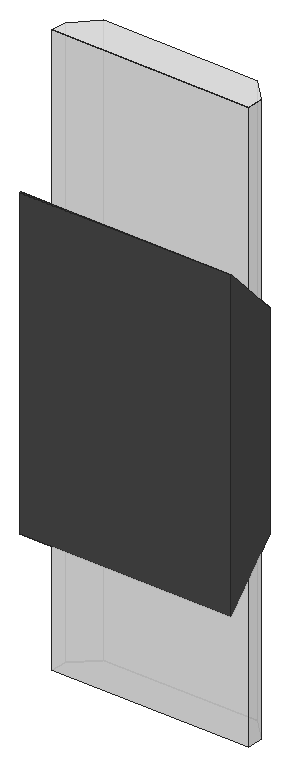
Revit family "3-756-xx - Esprit Sconce", category Lighting Fixtures, host Wall, Revit 2018
Family settings
  Host = Wall
  Round Connector Dimension = Use Diameter
  Part Type = Normal
  OmniClass Number = 23.80.70.00
  OmniClass Title = Lighting
  Always vertical = Yes
  Cut with Voids When Loaded = No
  Light Source = Yes
  Shared = No
  Room Calculation Point = No
Parameters (values of type "3-756-15 / Black - Clear Bubble Glass")
  Wattage Comments = "2 x 6.0 W at 120 V"  # constant formula
  Wattage = 9.2903 W
  built-in parameter 1150110 = 1 (stored number, unit not read)
  Voltage Input = "120 V or 277 V - 50/60 Hz"  # constant formula
  Voltage = 120 V
  URL = "www.oxygenlighting.com"
  built-in parameter 1114217 = 1 (stored number, unit not read)
  built-in parameter 1150109 = 1 (stored number, unit not read)
  built-in parameter 1150134 = (empty or 0)
  built-in parameter 1150113 = 1 (stored number, unit not read)
  References = "Ref. 3 = 120 V / Ref. 37 = 277 V"  # constant formula
  Model = "3-756-xx / Esprit Sconce"  # constant formula
  Metal Finish = 15 - Black
  Manufacturer = "Oxygen Lighting and Fans"  # constant formula
  Main Diffuser = Clear Bubble Glass
  Lumens = 1380 lm
  built-in parameter 1150115 = 1 (stored number, unit not read)
  built-in parameter 1150105 = 109.82 (stored number, unit not read)
  Light Source Symbol Size = 24.00"
  built-in parameter 1150137 = (empty or 0)
  built-in parameter 1150139 = (empty or 0)
  built-in parameter 1150112 = 1 (stored number, unit not read)
  built-in parameter 1150114 = 1 (stored number, unit not read)
  Lamp = "LED Array"  # constant formula
  built-in parameter 1150132 = 2
  built-in parameter 1150102 = (empty or 0)
  built-in parameter 1150138 = (empty or 0)
  built-in parameter 1150107 = 3000 (stored number, unit not read)
  built-in parameter 1150106 = 1.0982 (stored number, unit not read)
  built-in parameter 1150104 = 13.8 (stored number, unit not read)
  Dimming Lamp Color Temperature Shift = <None>
  Color Filter = 16777215
  built-in parameter 1114218 = 1 (stored number, unit not read)
  built-in parameter 1150133 = 10 (stored number, unit not read)
Reference planes (in)
  plane 1: y = 0
  plane 2 "Light Source Axis (L/R)": x = 4.92126
  plane 3 "Light Source Axis (F/R)": y = 4.33071
  plane 4 "Light Source Elevation": z = 37.3195
Text (in)
  text "Placement side" at (-70.3598, 43.96769, 0), in view "Ref. Level"
  text "Placement side" at (0, 83.08644, 117.56134), in view "Left"
  text "Placement side" at (0, 24.74324, 118.58137), in view "Right"
Dimensions and locks (in)
  locked: plane 3 "Light Source Axis (F/R)" to nested 1 at 0.59055
  locked: plane 4 "Light Source Elevation" to nested 1 at 7.5
  aligned and locked: plane 1 to host wall
  aligned and locked: plane 2 "Light Source Axis (L/R)" to imposter light
  aligned and locked: plane 3 "Light Source Axis (F/R)" to imposter light
  aligned and locked: plane 4 "Light Source Elevation" to imposter light
  aligned and locked: plane 2 "Light Source Axis (L/R)" to nested 1
  aligned and locked: nested 1 to host wall
Nested families (in)
  nested 1: "Base" at (4.92126, 2.95276, 37.3195), type "Base"
Connectors (in)
  electrical at (4.92126, 2.95276, 37.3195), driven by "Voltage"
    settings: on nested 1, index 1, voltage 120 V, apparent load 0 VA, apparent load phase1 0 VA, apparent load phase2 0 VA, apparent load phase3 0 VA, power factor 1, load classification "Other", number of poles 1, system type 31, power factor state 1, is connector primary yes, connector utility no, sub classification motor no, connector description ""
Definition of nested family "Base"
  Parameters (values of type "Base")
    Metal Finish = none
    Main Diffuser = none
  Reference planes (in)
    plane 1 "Center (Front/Back)": y = 0
    plane 2: z = 0
    plane 3 "Center (Left/Right)": x = 0
  Forms (in)
    Extrusion 1, solid, material <- "Metal Finish"
      sketch origin (-4.92126, -2.95276, 3.50389) x (1, 0, 0) y (0, 1, 0)
        loop
          line (6.98819, 4.92126) -> (2.85433, 4.92126) -> (2.19976, 4.26669) -> (2.16535, 2.95276) -> (7.67717, 2.95276) -> (7.64276, 4.26669) -> (6.98819, 4.92126)
      from -3.50389 to 0.49611
    Extrusion 2, void
      sketch origin (0, -2.95276, -68.36225) x (0, 1, 0) y (0, 0, 1)
        loop
          line (2.99213, 72.36225) -> (4.92126, 70.315) -> (4.92126, 72.36225) -> (2.99213, 72.36225)
      from -2.75509 to 2.75509
    Extrusion 3, solid, material <- "Main Diffuser"
      sketch origin (-4.92126, -2.95276, 3.50389) x (1, 0, 0) y (0, 1, 0)
        loop
          line (7.48698, 4.19976) -> (6.92296, 4.76378) -> (2.91956, 4.76378) -> (2.35554, 4.19976) -> (2.34454, 3.77953) -> (7.49798, 3.77953) -> (7.48698, 4.19976)
      from -11.00389 to 3.99611
    Extrusion 4, void
      sketch origin (-4.92126, -2.95276, 3.50389) x (1, 0, 0) y (0, 1, 0)
        loop
          line (2.90325, 4.80315) -> (2.3166, 4.21649) -> (2.30412, 3.74016) -> (7.5384, 3.74016) -> (7.52592, 4.21649) -> (6.93927, 4.80315) -> (2.90325, 4.80315)
      from -9.3448 to 1.69296
    Extrusion 5, solid, material <- "Metal Finish"
      sketch origin (-4.92126, -2.95276, -1.49611) x (0, -1, 0) y (1, 0, 0)
        loop
          line (-4.92126, 6.98819) -> (-4.92126, 2.85433) -> (-4.26669, 2.19976) -> (-2.95276, 2.16535) -> (-2.95276, 7.67717) -> (-4.26669, 7.64276) -> (-4.92126, 6.98819)
      from -2.50389 to 1.49611
    Extrusion 6, void
      sketch origin (0, -2.95276, 68.36225) x (0, 1, 0) y (0, 0, 1)
        loop
          line (2.99213, -72.36225) -> (4.92126, -72.36225) -> (4.92126, -70.315) -> (2.99213, -72.36225)
      from -2.75509 to 2.75509
  Cuts and joins
    Extrusion 2, Extrusion 4, Extrusion 6 cuts Extrusion 1
    Extrusion 4, Extrusion 6 cuts Extrusion 5
    joined: Extrusion 1, Extrusion 5
  Dimensions and locks (in)
    aligned and locked: level to plane 2
